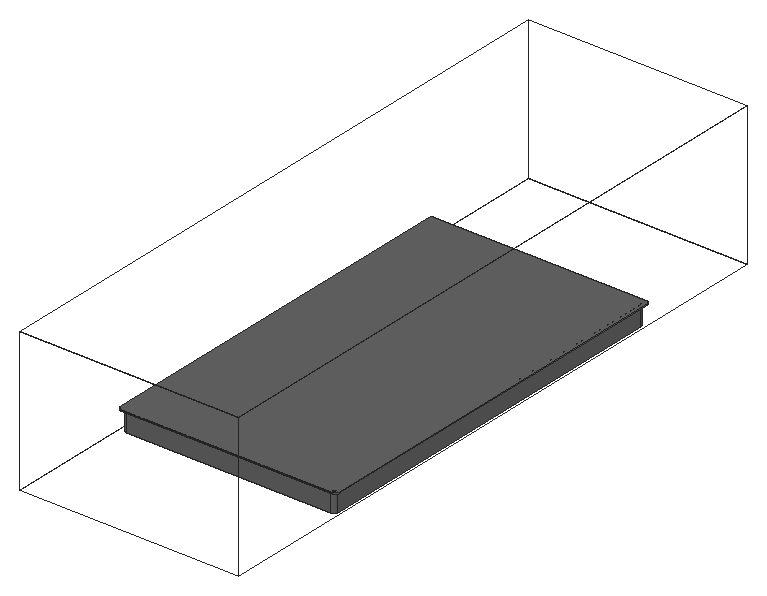
Revit family "Control_Panels-Lutron-DIN_Rail_Retrofit_Subplate (1)", category Electrical Equipment, host Face, Revit 2020 (continued)
Definition of nested family "Detail Grill"
  Lines and regions (in)
    model lines, visible <- "Size A", detail levels fine
      curve 608: line (4.84925, 29.7454, 0) -> (4.84925, 29.49548, 0)
      curve 609: line (3.84925, 30.14338, 0) -> (3.84925, 29.89347, 0)
      curve 610: line (3.84925, 29.89347, 0) -> (4.84925, 29.89347, 0)
      curve 611: line (3.84925, 30.14338, 0) -> (4.84925, 30.14338, 0)
      curve 612: line (4.84925, 30.14338, 0) -> (4.84925, 29.89347, 0)
      curve 613: line (5.09915, 29.34738, 0) -> (5.09915, 29.09747, 0)
      curve 614: line (5.09915, 29.09747, 0) -> (6.09915, 29.09747, 0)
      curve 615: line (5.09915, 29.34738, 0) -> (6.09915, 29.34738, 0)
      curve 616: line (6.09915, 29.34738, 0) -> (6.09915, 29.09747, 0)
      curve 617: line (5.09915, 29.7454, 0) -> (5.09915, 29.49548, 0)
      curve 618: line (5.09915, 29.49548, 0) -> (6.09915, 29.49548, 0)
      curve 619: line (5.09915, 29.7454, 0) -> (6.09915, 29.7454, 0)
      curve 620: line (6.09915, 29.7454, 0) -> (6.09915, 29.49548, 0)
      curve 621: line (5.09915, 30.14338, 0) -> (5.09915, 29.89347, 0)
      curve 622: line (5.09915, 29.89347, 0) -> (6.09915, 29.89347, 0)
      curve 623: line (5.09915, 30.14338, 0) -> (6.09915, 30.14338, 0)
      curve 624: line (6.09915, 30.14338, 0) -> (6.09915, 29.89347, 0)
      curve 625: line (6.34915, 29.34738, 0) -> (6.34915, 29.09747, 0)
      curve 626: line (6.34915, 29.09747, 0) -> (7.34915, 29.09747, 0)
      curve 627: line (6.34915, 29.34738, 0) -> (7.34915, 29.34738, 0)
      curve 628: line (7.34915, 29.34738, 0) -> (7.34915, 29.09747, 0)
      curve 629: line (6.34915, 29.7454, 0) -> (6.34915, 29.49548, 0)
      curve 630: line (6.34915, 29.49548, 0) -> (7.34915, 29.49548, 0)
      curve 631: line (6.34915, 29.7454, 0) -> (7.34915, 29.7454, 0)
      curve 632: line (7.34915, 29.7454, 0) -> (7.34915, 29.49548, 0)
      curve 633: line (6.34915, 30.14338, 0) -> (6.34915, 29.89347, 0)
      curve 634: line (6.34915, 29.89347, 0) -> (7.34915, 29.89347, 0)
      curve 635: line (6.34915, 30.14338, 0) -> (7.34915, 30.14338, 0)
      curve 636: line (7.34915, 30.14338, 0) -> (7.34915, 29.89347, 0)
      curve 637: line (7.59915, 29.34738, 0) -> (7.59915, 29.09747, 0)
      curve 638: line (7.59915, 29.09747, 0) -> (8.59915, 29.09747, 0)
      curve 639: line (7.59915, 29.34738, 0) -> (8.59915, 29.34738, 0)
      curve 640: line (8.59915, 29.34738, 0) -> (8.59915, 29.09747, 0)
      curve 641: line (7.59915, 29.7454, 0) -> (7.59915, 29.49548, 0)
      curve 642: line (7.59915, 29.49548, 0) -> (8.59915, 29.49548, 0)
      curve 643: line (7.59915, 29.7454, 0) -> (8.59915, 29.7454, 0)
      curve 644: line (8.59915, 29.7454, 0) -> (8.59915, 29.49548, 0)
      curve 645: line (7.59915, 30.14338, 0) -> (7.59915, 29.89347, 0)
      curve 646: line (7.59915, 29.89347, 0) -> (8.59915, 29.89347, 0)
      curve 647: line (7.59915, 30.14338, 0) -> (8.59915, 30.14338, 0)
      curve 648: line (8.59915, 30.14338, 0) -> (8.59915, 29.89347, 0)
      curve 649: line (8.84915, 29.34738, 0) -> (8.84915, 29.09747, 0)
      curve 650: line (8.84915, 29.09747, 0) -> (9.84915, 29.09747, 0)
      curve 651: line (8.84915, 29.34738, 0) -> (9.84915, 29.34738, 0)
      curve 652: line (9.84915, 29.34738, 0) -> (9.84915, 29.09747, 0)
      curve 653: line (8.84915, 29.7454, 0) -> (8.84915, 29.49548, 0)
      curve 654: line (8.84915, 29.49548, 0) -> (9.84915, 29.49548, 0)
      curve 655: line (8.84915, 29.7454, 0) -> (9.84915, 29.7454, 0)
      curve 656: line (9.84915, 29.7454, 0) -> (9.84915, 29.49548, 0)
      curve 657: line (8.84915, 30.14338, 0) -> (8.84915, 29.89347, 0)
      curve 658: line (8.84915, 29.89347, 0) -> (9.84915, 29.89347, 0)
      curve 659: line (8.84915, 30.14338, 0) -> (9.84915, 30.14338, 0)
      curve 660: line (9.84915, 30.14338, 0) -> (9.84915, 29.89347, 0)
      curve 661: line (3.84925, 26.69939, 0) -> (3.84925, 26.60928, 0)
      curve 662: line (3.84925, 26.60928, 0) -> (4.84925, 26.60928, 0)
      curve 663: line (3.84925, 26.69939, 0) -> (4.84925, 26.69939, 0)
      curve 664: line (4.84925, 26.69939, 0) -> (4.84925, 26.60928, 0)
      curve 665: line (3.84925, 26.46134, 0) -> (3.84925, 26.37124, 0)
      curve 666: line (3.84925, 26.37124, 0) -> (4.84925, 26.37124, 0)
      curve 667: line (3.84925, 26.46134, 0) -> (4.84925, 26.46134, 0)
      curve 668: line (4.84925, 26.46134, 0) -> (4.84925, 26.37124, 0)
      curve 669: line (3.84925, 26.22339, 0) -> (3.84925, 26.13329, 0)
      curve 670: line (3.84925, 26.13329, 0) -> (4.84925, 26.13329, 0)
      curve 671: line (3.84925, 26.22339, 0) -> (4.84925, 26.22339, 0)
      curve 672: line (4.84925, 26.22339, 0) -> (4.84925, 26.13329, 0)
      curve 673: line (5.09915, 26.69939, 0) -> (5.09915, 26.60928, 0)
      curve 674: line (5.09915, 26.60928, 0) -> (6.09915, 26.60928, 0)
      curve 675: line (5.09915, 26.69939, 0) -> (6.09915, 26.69939, 0)
      curve 676: line (6.09915, 26.69939, 0) -> (6.09915, 26.60928, 0)
      curve 677: line (5.09915, 26.46134, 0) -> (5.09915, 26.37124, 0)
      curve 678: line (5.09915, 26.37124, 0) -> (6.09915, 26.37124, 0)
      curve 679: line (5.09915, 26.46134, 0) -> (6.09915, 26.46134, 0)
      curve 680: line (6.09915, 26.46134, 0) -> (6.09915, 26.37124, 0)
      curve 681: line (5.09915, 26.22339, 0) -> (5.09915, 26.13329, 0)
      curve 682: line (5.09915, 26.13329, 0) -> (6.09915, 26.13329, 0)
      curve 683: line (5.09915, 26.22339, 0) -> (6.09915, 26.22339, 0)
      curve 684: line (6.09915, 26.22339, 0) -> (6.09915, 26.13329, 0)
      curve 685: line (6.34915, 26.69939, 0) -> (6.34915, 26.60928, 0)
      curve 686: line (6.34915, 26.60928, 0) -> (7.34915, 26.60928, 0)
      curve 687: line (6.34915, 26.69939, 0) -> (7.34915, 26.69939, 0)
      curve 688: line (7.34915, 26.69939, 0) -> (7.34915, 26.60928, 0)
      curve 689: line (6.34915, 26.46134, 0) -> (6.34915, 26.37124, 0)
      curve 690: line (6.34915, 26.37124, 0) -> (7.34915, 26.37124, 0)
      curve 691: line (6.34915, 26.46134, 0) -> (7.34915, 26.46134, 0)
      curve 692: line (7.34915, 26.46134, 0) -> (7.34915, 26.37124, 0)
      curve 693: line (6.34915, 26.22339, 0) -> (6.34915, 26.13329, 0)
      curve 694: line (6.34915, 26.13329, 0) -> (7.34915, 26.13329, 0)
      curve 695: line (6.34915, 26.22339, 0) -> (7.34915, 26.22339, 0)
      curve 696: line (7.34915, 26.22339, 0) -> (7.34915, 26.13329, 0)
      curve 697: line (7.59915, 26.69939, 0) -> (7.59915, 26.60928, 0)
      curve 698: line (7.59915, 26.60928, 0) -> (8.59915, 26.60928, 0)
      curve 699: line (7.59915, 26.69939, 0) -> (8.59915, 26.69939, 0)
      curve 700: line (8.59915, 26.69939, 0) -> (8.59915, 26.60928, 0)
      curve 701: line (7.59915, 26.46134, 0) -> (7.59915, 26.37124, 0)
      curve 702: line (7.59915, 26.37124, 0) -> (8.59915, 26.37124, 0)
      curve 703: line (7.59915, 26.46134, 0) -> (8.59915, 26.46134, 0)
      curve 704: line (8.59915, 26.46134, 0) -> (8.59915, 26.37124, 0)
      curve 705: line (7.59915, 26.22339, 0) -> (7.59915, 26.13329, 0)
      curve 706: line (7.59915, 26.13329, 0) -> (8.59915, 26.13329, 0)
      curve 707: line (7.59915, 26.22339, 0) -> (8.59915, 26.22339, 0)
      curve 708: line (8.59915, 26.22339, 0) -> (8.59915, 26.13329, 0)
      curve 709: line (8.84915, 26.69939, 0) -> (8.84915, 26.60928, 0)
      curve 710: line (8.84915, 26.60928, 0) -> (9.84915, 26.60928, 0)
      curve 711: line (8.84915, 26.69939, 0) -> (9.84915, 26.69939, 0)
      curve 712: line (9.84915, 26.69939, 0) -> (9.84915, 26.60928, 0)
      curve 713: line (8.84915, 26.46134, 0) -> (8.84915, 26.37124, 0)
      curve 714: line (8.84915, 26.37124, 0) -> (9.84915, 26.37124, 0)
      curve 715: line (8.84915, 26.46134, 0) -> (9.84915, 26.46134, 0)
      curve 716: line (9.84915, 26.46134, 0) -> (9.84915, 26.37124, 0)
      curve 717: line (8.84915, 26.22339, 0) -> (8.84915, 26.13329, 0)
      curve 718: line (8.84915, 26.13329, 0) -> (9.84915, 26.13329, 0)
      curve 719: line (8.84915, 26.22339, 0) -> (9.84915, 26.22339, 0)
      curve 720: line (9.84915, 26.22339, 0) -> (9.84915, 26.13329, 0)
      curve 721: line (3.84925, 27.09735, 0) -> (3.84925, 26.84744, 0)
      curve 722: line (3.84925, 26.84744, 0) -> (4.84925, 26.84744, 0)
      curve 723: line (3.84925, 27.09735, 0) -> (4.84925, 27.09735, 0)
      curve 724: line (4.84925, 27.09735, 0) -> (4.84925, 26.84744, 0)
      curve 725: line (3.84925, 27.49537, 0) -> (3.84925, 27.24545, 0)
      curve 726: line (3.84925, 27.24545, 0) -> (4.84925, 27.24545, 0)
      curve 727: line (3.84925, 27.49537, 0) -> (4.84925, 27.49537, 0)
      curve 728: line (4.84925, 27.49537, 0) -> (4.84925, 27.24545, 0)
      curve 729: line (3.84925, 27.89335, 0) -> (3.84925, 27.64344, 0)
      curve 730: line (3.84925, 27.64344, 0) -> (4.84925, 27.64344, 0)
      curve 731: line (3.84925, 27.89335, 0) -> (4.84925, 27.89335, 0)
      curve 732: line (4.84925, 27.89335, 0) -> (4.84925, 27.64344, 0)
      curve 733: line (5.09915, 27.09735, 0) -> (5.09915, 26.84744, 0)
      curve 734: line (5.09915, 26.84744, 0) -> (6.09915, 26.84744, 0)
      curve 735: line (5.09915, 27.09735, 0) -> (6.09915, 27.09735, 0)
      curve 736: line (6.09915, 27.09735, 0) -> (6.09915, 26.84744, 0)
      curve 737: line (5.09915, 27.49537, 0) -> (5.09915, 27.24545, 0)
      curve 738: line (5.09915, 27.24545, 0) -> (6.09915, 27.24545, 0)
      curve 739: line (5.09915, 27.49537, 0) -> (6.09915, 27.49537, 0)
      curve 740: line (6.09915, 27.49537, 0) -> (6.09915, 27.24545, 0)
      curve 741: line (5.09915, 27.89335, 0) -> (5.09915, 27.64344, 0)
      curve 742: line (5.09915, 27.64344, 0) -> (6.09915, 27.64344, 0)
      curve 743: line (5.09915, 27.89335, 0) -> (6.09915, 27.89335, 0)
      curve 744: line (6.09915, 27.89335, 0) -> (6.09915, 27.64344, 0)
      curve 745: line (6.34915, 27.09735, 0) -> (6.34915, 26.84744, 0)
      curve 746: line (6.34915, 26.84744, 0) -> (7.34915, 26.84744, 0)
      curve 747: line (6.34915, 27.09735, 0) -> (7.34915, 27.09735, 0)
      curve 748: line (7.34915, 27.09735, 0) -> (7.34915, 26.84744, 0)
      curve 749: line (6.34915, 27.49537, 0) -> (6.34915, 27.24545, 0)
      curve 750: line (6.34915, 27.24545, 0) -> (7.34915, 27.24545, 0)
      curve 751: line (6.34915, 27.49537, 0) -> (7.34915, 27.49537, 0)
      curve 752: line (7.34915, 27.49537, 0) -> (7.34915, 27.24545, 0)
      curve 753: line (6.34915, 27.89335, 0) -> (6.34915, 27.64344, 0)
      curve 754: line (6.34915, 27.64344, 0) -> (7.34915, 27.64344, 0)
      curve 755: line (6.34915, 27.89335, 0) -> (7.34915, 27.89335, 0)
      curve 756: line (7.34915, 27.89335, 0) -> (7.34915, 27.64344, 0)
      curve 757: line (7.59915, 27.09735, 0) -> (7.59915, 26.84744, 0)
      curve 758: line (7.59915, 26.84744, 0) -> (8.59915, 26.84744, 0)
      curve 759: line (7.59915, 27.09735, 0) -> (8.59915, 27.09735, 0)
      curve 760: line (8.59915, 27.09735, 0) -> (8.59915, 26.84744, 0)
      curve 761: line (7.59915, 27.49537, 0) -> (7.59915, 27.24545, 0)
      curve 762: line (7.59915, 27.24545, 0) -> (8.59915, 27.24545, 0)
      curve 763: line (7.59915, 27.49537, 0) -> (8.59915, 27.49537, 0)
      curve 764: line (8.59915, 27.49537, 0) -> (8.59915, 27.24545, 0)
      curve 765: line (7.59915, 27.89335, 0) -> (7.59915, 27.64344, 0)
      curve 766: line (7.59915, 27.64344, 0) -> (8.59915, 27.64344, 0)
      curve 767: line (7.59915, 27.89335, 0) -> (8.59915, 27.89335, 0)
      curve 768: line (8.59915, 27.89335, 0) -> (8.59915, 27.64344, 0)
      curve 769: line (8.84915, 27.09735, 0) -> (8.84915, 26.84744, 0)
      curve 770: line (8.84915, 26.84744, 0) -> (9.84915, 26.84744, 0)
      curve 771: line (8.84915, 27.09735, 0) -> (9.84915, 27.09735, 0)
      curve 772: line (9.84915, 27.09735, 0) -> (9.84915, 26.84744, 0)
      curve 773: line (8.84915, 27.49537, 0) -> (8.84915, 27.24545, 0)
      curve 774: line (8.84915, 27.24545, 0) -> (9.84915, 27.24545, 0)
      curve 775: line (8.84915, 27.49537, 0) -> (9.84915, 27.49537, 0)
      curve 776: line (9.84915, 27.49537, 0) -> (9.84915, 27.24545, 0)
      curve 777: line (8.84915, 27.89335, 0) -> (8.84915, 27.64344, 0)
      curve 778: line (8.84915, 27.64344, 0) -> (9.84915, 27.64344, 0)
      curve 779: line (8.84915, 27.89335, 0) -> (9.84915, 27.89335, 0)
      curve 780: line (9.84915, 27.89335, 0) -> (9.84915, 27.64344, 0)
      curve 781: line (3.84925, 24.44944, 0) -> (3.84925, 24.35933, 0)
      curve 782: line (3.84925, 24.35933, 0) -> (4.84925, 24.35933, 0)
      curve 783: line (3.84925, 24.44944, 0) -> (4.84925, 24.44944, 0)
      curve 784: line (4.84925, 24.44944, 0) -> (4.84925, 24.35933, 0)
      curve 785: line (3.84925, 24.21139, 0) -> (3.84925, 24.12128, 0)
      curve 786: line (3.84925, 24.12128, 0) -> (4.84925, 24.12128, 0)
      curve 787: line (3.84925, 24.21139, 0) -> (4.84925, 24.21139, 0)
      curve 788: line (4.84925, 24.21139, 0) -> (4.84925, 24.12128, 0)
      curve 789: line (3.84925, 23.97344, 0) -> (3.84925, 23.88333, 0)
      curve 790: line (3.84925, 23.88333, 0) -> (4.84925, 23.88333, 0)
      curve 791: line (3.84925, 23.97344, 0) -> (4.84925, 23.97344, 0)
      curve 792: line (4.84925, 23.97344, 0) -> (4.84925, 23.88333, 0)
      curve 793: line (5.09915, 24.44944, 0) -> (5.09915, 24.35933, 0)
      curve 794: line (5.09915, 24.35933, 0) -> (6.09915, 24.35933, 0)
      curve 795: line (5.09915, 24.44944, 0) -> (6.09915, 24.44944, 0)
      curve 796: line (6.09915, 24.44944, 0) -> (6.09915, 24.35933, 0)
      curve 797: line (5.09915, 24.21139, 0) -> (5.09915, 24.12128, 0)
      curve 798: line (5.09915, 24.12128, 0) -> (6.09915, 24.12128, 0)
      curve 799: line (5.09915, 24.21139, 0) -> (6.09915, 24.21139, 0)
      curve 800: line (6.09915, 24.21139, 0) -> (6.09915, 24.12128, 0)
      curve 801: line (5.09915, 23.97344, 0) -> (5.09915, 23.88333, 0)
      curve 802: line (5.09915, 23.88333, 0) -> (6.09915, 23.88333, 0)
      curve 803: line (5.09915, 23.97344, 0) -> (6.09915, 23.97344, 0)
      curve 804: line (6.09915, 23.97344, 0) -> (6.09915, 23.88333, 0)
      curve 805: line (6.34915, 24.44944, 0) -> (6.34915, 24.35933, 0)
      curve 806: line (6.34915, 24.35933, 0) -> (7.34915, 24.35933, 0)
      curve 807: line (6.34915, 24.44944, 0) -> (7.34915, 24.44944, 0)
      curve 808: line (7.34915, 24.44944, 0) -> (7.34915, 24.35933, 0)
      curve 809: line (6.34915, 24.21139, 0) -> (6.34915, 24.12128, 0)
      curve 810: line (6.34915, 24.12128, 0) -> (7.34915, 24.12128, 0)
      curve 811: line (6.34915, 24.21139, 0) -> (7.34915, 24.21139, 0)
      curve 812: line (7.34915, 24.21139, 0) -> (7.34915, 24.12128, 0)
      curve 813: line (6.34915, 23.97344, 0) -> (6.34915, 23.88333, 0)
      curve 814: line (6.34915, 23.88333, 0) -> (7.34915, 23.88333, 0)
      curve 815: line (6.34915, 23.97344, 0) -> (7.34915, 23.97344, 0)
      curve 816: line (7.34915, 23.97344, 0) -> (7.34915, 23.88333, 0)
      curve 817: line (7.59915, 24.44944, 0) -> (7.59915, 24.35933, 0)
      curve 818: line (7.59915, 24.35933, 0) -> (8.59915, 24.35933, 0)
      curve 819: line (7.59915, 24.44944, 0) -> (8.59915, 24.44944, 0)
      curve 820: line (8.59915, 24.44944, 0) -> (8.59915, 24.35933, 0)
      curve 821: line (7.59915, 24.21139, 0) -> (7.59915, 24.12128, 0)
      curve 822: line (7.59915, 24.12128, 0) -> (8.59915, 24.12128, 0)
      curve 823: line (7.59915, 24.21139, 0) -> (8.59915, 24.21139, 0)
      curve 824: line (8.59915, 24.21139, 0) -> (8.59915, 24.12128, 0)
      curve 825: line (7.59915, 23.97344, 0) -> (7.59915, 23.88333, 0)
      curve 826: line (7.59915, 23.88333, 0) -> (8.59915, 23.88333, 0)
      curve 827: line (7.59915, 23.97344, 0) -> (8.59915, 23.97344, 0)
      curve 828: line (8.59915, 23.97344, 0) -> (8.59915, 23.88333, 0)
      curve 829: line (8.84915, 24.44944, 0) -> (8.84915, 24.35933, 0)
      curve 830: line (8.84915, 24.35933, 0) -> (9.84915, 24.35933, 0)
      curve 831: line (8.84915, 24.44944, 0) -> (9.84915, 24.44944, 0)
      curve 832: line (9.84915, 24.44944, 0) -> (9.84915, 24.35933, 0)
      curve 833: line (8.84915, 24.21139, 0) -> (8.84915, 24.12128, 0)
      curve 834: line (8.84915, 24.12128, 0) -> (9.84915, 24.12128, 0)
      curve 835: line (8.84915, 24.21139, 0) -> (9.84915, 24.21139, 0)
      curve 836: line (9.84915, 24.21139, 0) -> (9.84915, 24.12128, 0)
      curve 837: line (8.84915, 23.97344, 0) -> (8.84915, 23.88333, 0)
      curve 838: line (8.84915, 23.88333, 0) -> (9.84915, 23.88333, 0)
      curve 839: line (8.84915, 23.97344, 0) -> (9.84915, 23.97344, 0)
      curve 840: line (9.84915, 23.97344, 0) -> (9.84915, 23.88333, 0)
      curve 841: line (3.84925, 24.8474, 0) -> (3.84925, 24.59748, 0)
      curve 842: line (3.84925, 24.59748, 0) -> (4.84925, 24.59748, 0)
      curve 843: line (3.84925, 24.8474, 0) -> (4.84925, 24.8474, 0)
      curve 844: line (4.84925, 24.8474, 0) -> (4.84925, 24.59748, 0)
      curve 845: line (3.84925, 25.24541, 0) -> (3.84925, 24.9955, 0)
      curve 846: line (3.84925, 24.9955, 0) -> (4.84925, 24.9955, 0)
      curve 847: line (3.84925, 25.24541, 0) -> (4.84925, 25.24541, 0)
      curve 848: line (4.84925, 25.24541, 0) -> (4.84925, 24.9955, 0)
      curve 849: line (3.84925, 25.6434, 0) -> (3.84925, 25.39348, 0)
      curve 850: line (3.84925, 25.39348, 0) -> (4.84925, 25.39348, 0)
      curve 851: line (3.84925, 25.6434, 0) -> (4.84925, 25.6434, 0)
      curve 852: line (4.84925, 25.6434, 0) -> (4.84925, 25.39348, 0)
      curve 853: line (5.09915, 24.8474, 0) -> (5.09915, 24.59748, 0)
      curve 854: line (5.09915, 24.59748, 0) -> (6.09915, 24.59748, 0)
      curve 855: line (5.09915, 24.8474, 0) -> (6.09915, 24.8474, 0)
      curve 856: line (6.09915, 24.8474, 0) -> (6.09915, 24.59748, 0)
      curve 857: line (5.09915, 25.24541, 0) -> (5.09915, 24.9955, 0)
      curve 858: line (5.09915, 24.9955, 0) -> (6.09915, 24.9955, 0)
      curve 859: line (5.09915, 25.24541, 0) -> (6.09915, 25.24541, 0)
      curve 860: line (6.09915, 25.24541, 0) -> (6.09915, 24.9955, 0)
      curve 861: line (5.09915, 25.6434, 0) -> (5.09915, 25.39348, 0)
      curve 862: line (5.09915, 25.39348, 0) -> (6.09915, 25.39348, 0)
      curve 863: line (5.09915, 25.6434, 0) -> (6.09915, 25.6434, 0)
      curve 864: line (6.09915, 25.6434, 0) -> (6.09915, 25.39348, 0)
      curve 865: line (6.34915, 24.8474, 0) -> (6.34915, 24.59748, 0)
      curve 866: line (6.34915, 24.59748, 0) -> (7.34915, 24.59748, 0)
      curve 867: line (6.34915, 24.8474, 0) -> (7.34915, 24.8474, 0)
      curve 868: line (7.34915, 24.8474, 0) -> (7.34915, 24.59748, 0)
      curve 869: line (6.34915, 25.24541, 0) -> (6.34915, 24.9955, 0)
      curve 870: line (6.34915, 24.9955, 0) -> (7.34915, 24.9955, 0)
      curve 871: line (6.34915, 25.24541, 0) -> (7.34915, 25.24541, 0)
      curve 872: line (7.34915, 25.24541, 0) -> (7.34915, 24.9955, 0)
      curve 873: line (6.34915, 25.6434, 0) -> (6.34915, 25.39348, 0)
      curve 874: line (6.34915, 25.39348, 0) -> (7.34915, 25.39348, 0)
      curve 875: line (6.34915, 25.6434, 0) -> (7.34915, 25.6434, 0)
      curve 876: line (7.34915, 25.6434, 0) -> (7.34915, 25.39348, 0)
      curve 877: line (7.59915, 24.8474, 0) -> (7.59915, 24.59748, 0)
      curve 878: line (7.59915, 24.59748, 0) -> (8.59915, 24.59748, 0)
      curve 879: line (7.59915, 24.8474, 0) -> (8.59915, 24.8474, 0)
      curve 880: line (8.59915, 24.8474, 0) -> (8.59915, 24.59748, 0)
      curve 881: line (7.59915, 25.24541, 0) -> (7.59915, 24.9955, 0)
      curve 882: line (7.59915, 24.9955, 0) -> (8.59915, 24.9955, 0)
      curve 883: line (7.59915, 25.24541, 0) -> (8.59915, 25.24541, 0)
      curve 884: line (8.59915, 25.24541, 0) -> (8.59915, 24.9955, 0)
      curve 885: line (7.59915, 25.6434, 0) -> (7.59915, 25.39348, 0)
      curve 886: line (7.59915, 25.39348, 0) -> (8.59915, 25.39348, 0)
      curve 887: line (7.59915, 25.6434, 0) -> (8.59915, 25.6434, 0)
      curve 888: line (8.59915, 25.6434, 0) -> (8.59915, 25.39348, 0)
      curve 889: line (8.84915, 24.8474, 0) -> (8.84915, 24.59748, 0)
      curve 890: line (8.84915, 24.59748, 0) -> (9.84915, 24.59748, 0)
      curve 891: line (8.84915, 24.8474, 0) -> (9.84915, 24.8474, 0)
      curve 892: line (9.84915, 24.8474, 0) -> (9.84915, 24.59748, 0)
      curve 893: line (8.84915, 25.24541, 0) -> (8.84915, 24.9955, 0)
      curve 894: line (8.84915, 24.9955, 0) -> (9.84915, 24.9955, 0)
      curve 895: line (8.84915, 25.24541, 0) -> (9.84915, 25.24541, 0)
      curve 896: line (9.84915, 25.24541, 0) -> (9.84915, 24.9955, 0)
      curve 897: line (8.84915, 25.6434, 0) -> (8.84915, 25.39348, 0)
      curve 898: line (8.84915, 25.39348, 0) -> (9.84915, 25.39348, 0)
      curve 899: line (8.84915, 25.6434, 0) -> (9.84915, 25.6434, 0)
      curve 900: line (9.84915, 25.6434, 0) -> (9.84915, 25.39348, 0)
      curve 901: line (3.84925, 22.19943, 0) -> (3.84925, 22.10932, 0)
      curve 902: line (3.84925, 22.10932, 0) -> (4.84925, 22.10932, 0)
      curve 903: line (3.84925, 22.19943, 0) -> (4.84925, 22.19943, 0)
      curve 904: line (4.84925, 22.19943, 0) -> (4.84925, 22.10932, 0)
      curve 905: line (3.84925, 21.96139, 0) -> (3.84925, 21.87128, 0)
      curve 906: line (3.84925, 21.87128, 0) -> (4.84925, 21.87128, 0)
      curve 907: line (3.84925, 21.96139, 0) -> (4.84925, 21.96139, 0)
      curve 908: line (4.84925, 21.96139, 0) -> (4.84925, 21.87128, 0)
      curve 909: line (3.84925, 21.72343, 0) -> (3.84925, 21.63333, 0)
      curve 910: line (3.84925, 21.63333, 0) -> (4.84925, 21.63333, 0)
      curve 911: line (3.84925, 21.72343, 0) -> (4.84925, 21.72343, 0)
      curve 912: line (4.84925, 21.72343, 0) -> (4.84925, 21.63333, 0)
      curve 913: line (5.09915, 22.19943, 0) -> (5.09915, 22.10932, 0)
      curve 914: line (5.09915, 22.10932, 0) -> (6.09915, 22.10932, 0)
      curve 915: line (5.09915, 22.19943, 0) -> (6.09915, 22.19943, 0)
      curve 916: line (6.09915, 22.19943, 0) -> (6.09915, 22.10932, 0)
      curve 917: line (5.09915, 21.96139, 0) -> (5.09915, 21.87128, 0)
      curve 918: line (5.09915, 21.87128, 0) -> (6.09915, 21.87128, 0)
      curve 919: line (5.09915, 21.96139, 0) -> (6.09915, 21.96139, 0)
      curve 920: line (6.09915, 21.96139, 0) -> (6.09915, 21.87128, 0)
      curve 921: line (5.09915, 21.72343, 0) -> (5.09915, 21.63333, 0)
      curve 922: line (5.09915, 21.63333, 0) -> (6.09915, 21.63333, 0)
      curve 923: line (5.09915, 21.72343, 0) -> (6.09915, 21.72343, 0)
      curve 924: line (6.09915, 21.72343, 0) -> (6.09915, 21.63333, 0)
      curve 925: line (6.34915, 22.19943, 0) -> (6.34915, 22.10932, 0)
      curve 926: line (6.34915, 22.10932, 0) -> (7.34915, 22.10932, 0)
      curve 927: line (6.34915, 22.19943, 0) -> (7.34915, 22.19943, 0)
      curve 928: line (7.34915, 22.19943, 0) -> (7.34915, 22.10932, 0)
      curve 929: line (6.34915, 21.96139, 0) -> (6.34915, 21.87128, 0)
      curve 930: line (6.34915, 21.87128, 0) -> (7.34915, 21.87128, 0)
      curve 931: line (6.34915, 21.96139, 0) -> (7.34915, 21.96139, 0)
      curve 932: line (7.34915, 21.96139, 0) -> (7.34915, 21.87128, 0)
      curve 933: line (6.34915, 21.72343, 0) -> (6.34915, 21.63333, 0)
      curve 934: line (6.34915, 21.63333, 0) -> (7.34915, 21.63333, 0)
      curve 935: line (6.34915, 21.72343, 0) -> (7.34915, 21.72343, 0)
      curve 936: line (7.34915, 21.72343, 0) -> (7.34915, 21.63333, 0)
      curve 937: line (7.59915, 22.19943, 0) -> (7.59915, 22.10932, 0)
      curve 938: line (7.59915, 22.10932, 0) -> (8.59915, 22.10932, 0)
      curve 939: line (7.59915, 22.19943, 0) -> (8.59915, 22.19943, 0)
      curve 940: line (8.59915, 22.19943, 0) -> (8.59915, 22.10932, 0)
      curve 941: line (7.59915, 21.96139, 0) -> (7.59915, 21.87128, 0)
      curve 942: line (7.59915, 21.87128, 0) -> (8.59915, 21.87128, 0)
      curve 943: line (7.59915, 21.96139, 0) -> (8.59915, 21.96139, 0)
      curve 944: line (8.59915, 21.96139, 0) -> (8.59915, 21.87128, 0)
      curve 945: line (7.59915, 21.72343, 0) -> (7.59915, 21.63333, 0)
      curve 946: line (7.59915, 21.63333, 0) -> (8.59915, 21.63333, 0)
      curve 947: line (7.59915, 21.72343, 0) -> (8.59915, 21.72343, 0)
      curve 948: line (8.59915, 21.72343, 0) -> (8.59915, 21.63333, 0)
      curve 949: line (8.84915, 22.19943, 0) -> (8.84915, 22.10932, 0)
      curve 950: line (8.84915, 22.10932, 0) -> (9.84915, 22.10932, 0)
      curve 951: line (8.84915, 22.19943, 0) -> (9.84915, 22.19943, 0)
      curve 952: line (9.84915, 22.19943, 0) -> (9.84915, 22.10932, 0)
      curve 953: line (8.84915, 21.96139, 0) -> (8.84915, 21.87128, 0)
      curve 954: line (8.84915, 21.87128, 0) -> (9.84915, 21.87128, 0)
      curve 955: line (8.84915, 21.96139, 0) -> (9.84915, 21.96139, 0)
      curve 956: line (9.84915, 21.96139, 0) -> (9.84915, 21.87128, 0)
      curve 957: line (8.84915, 21.72343, 0) -> (8.84915, 21.63333, 0)
      curve 958: line (8.84915, 21.63333, 0) -> (9.84915, 21.63333, 0)
      curve 959: line (8.84915, 21.72343, 0) -> (9.84915, 21.72343, 0)
      curve 960: line (9.84915, 21.72343, 0) -> (9.84915, 21.63333, 0)
      curve 961: line (3.84925, 22.59739, 0) -> (3.84925, 22.34748, 0)
      curve 962: line (3.84925, 22.34748, 0) -> (4.84925, 22.34748, 0)
      curve 963: line (3.84925, 22.59739, 0) -> (4.84925, 22.59739, 0)
      curve 964: line (4.84925, 22.59739, 0) -> (4.84925, 22.34748, 0)
      curve 965: line (3.84925, 22.99541, 0) -> (3.84925, 22.74549, 0)
      curve 966: line (3.84925, 22.74549, 0) -> (4.84925, 22.74549, 0)
      curve 967: line (3.84925, 22.99541, 0) -> (4.84925, 22.99541, 0)
      curve 968: line (4.84925, 22.99541, 0) -> (4.84925, 22.74549, 0)
      curve 969: line (3.84925, 23.39339, 0) -> (3.84925, 23.14348, 0)
      curve 970: line (3.84925, 23.14348, 0) -> (4.84925, 23.14348, 0)
      curve 971: line (3.84925, 23.39339, 0) -> (4.84925, 23.39339, 0)
      curve 972: line (4.84925, 23.39339, 0) -> (4.84925, 23.14348, 0)
      curve 973: line (5.09915, 22.59739, 0) -> (5.09915, 22.34748, 0)
      curve 974: line (5.09915, 22.34748, 0) -> (6.09915, 22.34748, 0)
      curve 975: line (5.09915, 22.59739, 0) -> (6.09915, 22.59739, 0)
      curve 976: line (6.09915, 22.59739, 0) -> (6.09915, 22.34748, 0)
      curve 977: line (5.09915, 22.99541, 0) -> (5.09915, 22.74549, 0)
      curve 978: line (5.09915, 22.74549, 0) -> (6.09915, 22.74549, 0)
      curve 979: line (5.09915, 22.99541, 0) -> (6.09915, 22.99541, 0)
      curve 980: line (6.09915, 22.99541, 0) -> (6.09915, 22.74549, 0)
      curve 981: line (5.09915, 23.39339, 0) -> (5.09915, 23.14348, 0)
      curve 982: line (5.09915, 23.14348, 0) -> (6.09915, 23.14348, 0)
      curve 983: line (5.09915, 23.39339, 0) -> (6.09915, 23.39339, 0)
      curve 984: line (6.09915, 23.39339, 0) -> (6.09915, 23.14348, 0)
      curve 985: line (6.34915, 22.59739, 0) -> (6.34915, 22.34748, 0)
      curve 986: line (6.34915, 22.34748, 0) -> (7.34915, 22.34748, 0)
      curve 987: line (6.34915, 22.59739, 0) -> (7.34915, 22.59739, 0)
      curve 988: line (7.34915, 22.59739, 0) -> (7.34915, 22.34748, 0)
      curve 989: line (6.34915, 22.99541, 0) -> (6.34915, 22.74549, 0)
      curve 990: line (6.34915, 22.74549, 0) -> (7.34915, 22.74549, 0)
      curve 991: line (6.34915, 22.99541, 0) -> (7.34915, 22.99541, 0)
      curve 992: line (7.34915, 22.99541, 0) -> (7.34915, 22.74549, 0)
      curve 993: line (6.34915, 23.39339, 0) -> (6.34915, 23.14348, 0)
      curve 994: line (6.34915, 23.14348, 0) -> (7.34915, 23.14348, 0)
      curve 995: line (6.34915, 23.39339, 0) -> (7.34915, 23.39339, 0)
      curve 996: line (7.34915, 23.39339, 0) -> (7.34915, 23.14348, 0)
      curve 997: line (7.59915, 22.59739, 0) -> (7.59915, 22.34748, 0)
      curve 998: line (7.59915, 22.34748, 0) -> (8.59915, 22.34748, 0)
      curve 999: line (7.59915, 22.59739, 0) -> (8.59915, 22.59739, 0)
      curve 1000: line (8.59915, 22.59739, 0) -> (8.59915, 22.34748, 0)
      curve 1001: line (7.59915, 22.99541, 0) -> (7.59915, 22.74549, 0)
      curve 1002: line (7.59915, 22.74549, 0) -> (8.59915, 22.74549, 0)
      curve 1003: line (7.59915, 22.99541, 0) -> (8.59915, 22.99541, 0)
      curve 1004: line (8.59915, 22.99541, 0) -> (8.59915, 22.74549, 0)
      curve 1005: line (7.59915, 23.39339, 0) -> (7.59915, 23.14348, 0)
      curve 1006: line (7.59915, 23.14348, 0) -> (8.59915, 23.14348, 0)
      curve 1007: line (7.59915, 23.39339, 0) -> (8.59915, 23.39339, 0)
      curve 1008: line (8.59915, 23.39339, 0) -> (8.59915, 23.14348, 0)
      curve 1009: line (8.84915, 22.59739, 0) -> (8.84915, 22.34748, 0)
      curve 1010: line (8.84915, 22.34748, 0) -> (9.84915, 22.34748, 0)
      curve 1011: line (8.84915, 22.59739, 0) -> (9.84915, 22.59739, 0)
      curve 1012: line (9.84915, 22.59739, 0) -> (9.84915, 22.34748, 0)
      curve 1013: line (8.84915, 22.99541, 0) -> (8.84915, 22.74549, 0)
      curve 1014: line (8.84915, 22.74549, 0) -> (9.84915, 22.74549, 0)
      curve 1015: line (8.84915, 22.99541, 0) -> (9.84915, 22.99541, 0)
      curve 1016: line (9.84915, 22.99541, 0) -> (9.84915, 22.74549, 0)
      curve 1017: line (8.84915, 23.39339, 0) -> (8.84915, 23.14348, 0)
      curve 1018: line (8.84915, 23.14348, 0) -> (9.84915, 23.14348, 0)
      curve 1019: line (8.84915, 23.39339, 0) -> (9.84915, 23.39339, 0)
      curve 1020: line (9.84915, 23.39339, 0) -> (9.84915, 23.14348, 0)
      curve 1021: line (3.84925, 19.94943, 0) -> (3.84925, 19.85932, 0)
      curve 1022: line (3.84925, 19.85932, 0) -> (4.84925, 19.85932, 0)
      curve 1023: line (3.84925, 19.94943, 0) -> (4.84925, 19.94943, 0)
      curve 1024: line (4.84925, 19.94943, 0) -> (4.84925, 19.85932, 0)
      curve 1025: line (3.84925, 19.71138, 0) -> (3.84925, 19.62128, 0)
      curve 1026: line (3.84925, 19.62128, 0) -> (4.84925, 19.62128, 0)
      curve 1027: line (3.84925, 19.71138, 0) -> (4.84925, 19.71138, 0)
      curve 1028: line (4.84925, 19.71138, 0) -> (4.84925, 19.62128, 0)
      curve 1029: line (3.84925, 19.47343, 0) -> (3.84925, 19.38332, 0)
      curve 1030: line (3.84925, 19.38332, 0) -> (4.84925, 19.38332, 0)
      curve 1031: line (3.84925, 19.47343, 0) -> (4.84925, 19.47343, 0)
      curve 1032: line (4.84925, 19.47343, 0) -> (4.84925, 19.38332, 0)
      curve 1033: line (5.09915, 19.94943, 0) -> (5.09915, 19.85932, 0)
      curve 1034: line (5.09915, 19.85932, 0) -> (6.09915, 19.85932, 0)
      curve 1035: line (5.09915, 19.94943, 0) -> (6.09915, 19.94943, 0)
      curve 1036: line (6.09915, 19.94943, 0) -> (6.09915, 19.85932, 0)
      curve 1037: line (5.09915, 19.71138, 0) -> (5.09915, 19.62128, 0)
      curve 1038: line (5.09915, 19.62128, 0) -> (6.09915, 19.62128, 0)
      curve 1039: line (5.09915, 19.71138, 0) -> (6.09915, 19.71138, 0)
      curve 1040: line (6.09915, 19.71138, 0) -> (6.09915, 19.62128, 0)
      curve 1041: line (5.09915, 19.47343, 0) -> (5.09915, 19.38332, 0)
      curve 1042: line (5.09915, 19.38332, 0) -> (6.09915, 19.38332, 0)
      curve 1043: line (5.09915, 19.47343, 0) -> (6.09915, 19.47343, 0)
      curve 1044: line (6.09915, 19.47343, 0) -> (6.09915, 19.38332, 0)
      curve 1045: line (6.34915, 19.94943, 0) -> (6.34915, 19.85932, 0)
      curve 1046: line (6.34915, 19.85932, 0) -> (7.34915, 19.85932, 0)
      curve 1047: line (6.34915, 19.94943, 0) -> (7.34915, 19.94943, 0)
      curve 1048: line (7.34915, 19.94943, 0) -> (7.34915, 19.85932, 0)
      curve 1049: line (6.34915, 19.71138, 0) -> (6.34915, 19.62128, 0)
      curve 1050: line (6.34915, 19.62128, 0) -> (7.34915, 19.62128, 0)
      curve 1051: line (6.34915, 19.71138, 0) -> (7.34915, 19.71138, 0)
      curve 1052: line (7.34915, 19.71138, 0) -> (7.34915, 19.62128, 0)
      curve 1053: line (6.34915, 19.47343, 0) -> (6.34915, 19.38332, 0)
      curve 1054: line (6.34915, 19.38332, 0) -> (7.34915, 19.38332, 0)
      curve 1055: line (6.34915, 19.47343, 0) -> (7.34915, 19.47343, 0)
      curve 1056: line (7.34915, 19.47343, 0) -> (7.34915, 19.38332, 0)
      curve 1057: line (7.59915, 19.94943, 0) -> (7.59915, 19.85932, 0)
      curve 1058: line (7.59915, 19.85932, 0) -> (8.59915, 19.85932, 0)
      curve 1059: line (7.59915, 19.94943, 0) -> (8.59915, 19.94943, 0)
      curve 1060: line (8.59915, 19.94943, 0) -> (8.59915, 19.85932, 0)
      curve 1061: line (7.59915, 19.71138, 0) -> (7.59915, 19.62128, 0)
      curve 1062: line (7.59915, 19.62128, 0) -> (8.59915, 19.62128, 0)
      curve 1063: line (7.59915, 19.71138, 0) -> (8.59915, 19.71138, 0)
      curve 1064: line (8.59915, 19.71138, 0) -> (8.59915, 19.62128, 0)
      curve 1065: line (7.59915, 19.47343, 0) -> (7.59915, 19.38332, 0)
      curve 1066: line (7.59915, 19.38332, 0) -> (8.59915, 19.38332, 0)
      curve 1067: line (7.59915, 19.47343, 0) -> (8.59915, 19.47343, 0)
      curve 1068: line (8.59915, 19.47343, 0) -> (8.59915, 19.38332, 0)
      curve 1069: line (8.84915, 19.94943, 0) -> (8.84915, 19.85932, 0)
      curve 1070: line (8.84915, 19.85932, 0) -> (9.84915, 19.85932, 0)
      curve 1071: line (8.84915, 19.94943, 0) -> (9.84915, 19.94943, 0)
      curve 1072: line (9.84915, 19.94943, 0) -> (9.84915, 19.85932, 0)
      curve 1073: line (8.84915, 19.71138, 0) -> (8.84915, 19.62128, 0)
      curve 1074: line (8.84915, 19.62128, 0) -> (9.84915, 19.62128, 0)
      curve 1075: line (8.84915, 19.71138, 0) -> (9.84915, 19.71138, 0)
      curve 1076: line (9.84915, 19.71138, 0) -> (9.84915, 19.62128, 0)
      curve 1077: line (8.84915, 19.47343, 0) -> (8.84915, 19.38332, 0)
      curve 1078: line (8.84915, 19.38332, 0) -> (9.84915, 19.38332, 0)
      curve 1079: line (8.84915, 19.47343, 0) -> (9.84915, 19.47343, 0)
      curve 1080: line (9.84915, 19.47343, 0) -> (9.84915, 19.38332, 0)
      curve 1081: line (3.84925, 20.34739, 0) -> (3.84925, 20.09747, 0)
      curve 1082: line (3.84925, 20.09747, 0) -> (4.84925, 20.09747, 0)
      curve 1083: line (3.84925, 20.34739, 0) -> (4.84925, 20.34739, 0)
      curve 1084: line (4.84925, 20.34739, 0) -> (4.84925, 20.09747, 0)
      curve 1085: line (3.84925, 20.7454, 0) -> (3.84925, 20.49549, 0)
      curve 1086: line (3.84925, 20.49549, 0) -> (4.84925, 20.49549, 0)
      curve 1087: line (3.84925, 20.7454, 0) -> (4.84925, 20.7454, 0)
      curve 1088: line (4.84925, 20.7454, 0) -> (4.84925, 20.49549, 0)
      curve 1089: line (3.84925, 21.14339, 0) -> (3.84925, 20.89347, 0)
      curve 1090: line (3.84925, 20.89347, 0) -> (4.84925, 20.89347, 0)
      curve 1091: line (3.84925, 21.14339, 0) -> (4.84925, 21.14339, 0)
      curve 1092: line (4.84925, 21.14339, 0) -> (4.84925, 20.89347, 0)
      curve 1093: line (5.09915, 20.34739, 0) -> (5.09915, 20.09747, 0)
      curve 1094: line (5.09915, 20.09747, 0) -> (6.09915, 20.09747, 0)
      curve 1095: line (5.09915, 20.34739, 0) -> (6.09915, 20.34739, 0)
      curve 1096: line (6.09915, 20.34739, 0) -> (6.09915, 20.09747, 0)
      curve 1097: line (5.09915, 20.7454, 0) -> (5.09915, 20.49549, 0)
      curve 1098: line (5.09915, 20.49549, 0) -> (6.09915, 20.49549, 0)
      curve 1099: line (5.09915, 20.7454, 0) -> (6.09915, 20.7454, 0)
      curve 1100: line (6.09915, 20.7454, 0) -> (6.09915, 20.49549, 0)
      curve 1101: line (5.09915, 21.14339, 0) -> (5.09915, 20.89347, 0)
      curve 1102: line (5.09915, 20.89347, 0) -> (6.09915, 20.89347, 0)
      curve 1103: line (5.09915, 21.14339, 0) -> (6.09915, 21.14339, 0)
      curve 1104: line (6.09915, 21.14339, 0) -> (6.09915, 20.89347, 0)
      curve 1105: line (6.34915, 20.34739, 0) -> (6.34915, 20.09747, 0)
      curve 1106: line (6.34915, 20.09747, 0) -> (7.34915, 20.09747, 0)
      curve 1107: line (6.34915, 20.34739, 0) -> (7.34915, 20.34739, 0)
      curve 1108: line (7.34915, 20.34739, 0) -> (7.34915, 20.09747, 0)
      curve 1109: line (6.34915, 20.7454, 0) -> (6.34915, 20.49549, 0)
      curve 1110: line (6.34915, 20.49549, 0) -> (7.34915, 20.49549, 0)
      curve 1111: line (6.34915, 20.7454, 0) -> (7.34915, 20.7454, 0)
      curve 1112: line (7.34915, 20.7454, 0) -> (7.34915, 20.49549, 0)
      curve 1113: line (6.34915, 21.14339, 0) -> (6.34915, 20.89347, 0)
      curve 1114: line (6.34915, 20.89347, 0) -> (7.34915, 20.89347, 0)
      curve 1115: line (6.34915, 21.14339, 0) -> (7.34915, 21.14339, 0)
      curve 1116: line (7.34915, 21.14339, 0) -> (7.34915, 20.89347, 0)
      curve 1117: line (7.59915, 20.34739, 0) -> (7.59915, 20.09747, 0)
      curve 1118: line (7.59915, 20.09747, 0) -> (8.59915, 20.09747, 0)
      curve 1119: line (7.59915, 20.34739, 0) -> (8.59915, 20.34739, 0)
      curve 1120: line (8.59915, 20.34739, 0) -> (8.59915, 20.09747, 0)
      curve 1121: line (7.59915, 20.7454, 0) -> (7.59915, 20.49549, 0)
      curve 1122: line (7.59915, 20.49549, 0) -> (8.59915, 20.49549, 0)
      curve 1123: line (7.59915, 20.7454, 0) -> (8.59915, 20.7454, 0)
      curve 1124: line (8.59915, 20.7454, 0) -> (8.59915, 20.49549, 0)
      curve 1125: line (7.59915, 21.14339, 0) -> (7.59915, 20.89347, 0)
      curve 1126: line (7.59915, 20.89347, 0) -> (8.59915, 20.89347, 0)
      curve 1127: line (7.59915, 21.14339, 0) -> (8.59915, 21.14339, 0)
      curve 1128: line (8.59915, 21.14339, 0) -> (8.59915, 20.89347, 0)
      curve 1129: line (8.84915, 20.34739, 0) -> (8.84915, 20.09747, 0)
      curve 1130: line (8.84915, 20.09747, 0) -> (9.84915, 20.09747, 0)
      curve 1131: line (8.84915, 20.34739, 0) -> (9.84915, 20.34739, 0)
      curve 1132: line (9.84915, 20.34739, 0) -> (9.84915, 20.09747, 0)
      curve 1133: line (8.84915, 20.7454, 0) -> (8.84915, 20.49549, 0)
      curve 1134: line (8.84915, 20.49549, 0) -> (9.84915, 20.49549, 0)
      curve 1135: line (8.84915, 20.7454, 0) -> (9.84915, 20.7454, 0)
      curve 1136: line (9.84915, 20.7454, 0) -> (9.84915, 20.49549, 0)
      curve 1137: line (8.84915, 21.14339, 0) -> (8.84915, 20.89347, 0)
      curve 1138: line (8.84915, 20.89347, 0) -> (9.84915, 20.89347, 0)
      curve 1139: line (8.84915, 21.14339, 0) -> (9.84915, 21.14339, 0)
      curve 1140: line (9.84915, 21.14339, 0) -> (9.84915, 20.89347, 0)
      curve 1141: line (3.84925, 17.69944, 0) -> (3.84925, 17.60933, 0)
      curve 1142: line (3.84925, 17.60933, 0) -> (4.84925, 17.60933, 0)
      curve 1143: line (3.84925, 17.69944, 0) -> (4.84925, 17.69944, 0)
      curve 1144: line (4.84925, 17.69944, 0) -> (4.84925, 17.60933, 0)
      curve 1145: line (3.84925, 17.46139, 0) -> (3.84925, 17.37128, 0)
      curve 1146: line (3.84925, 17.37128, 0) -> (4.84925, 17.37128, 0)
      curve 1147: line (3.84925, 17.46139, 0) -> (4.84925, 17.46139, 0)
      curve 1148: line (4.84925, 17.46139, 0) -> (4.84925, 17.37128, 0)
      curve 1149: line (3.84925, 17.22344, 0) -> (3.84925, 17.13333, 0)
      curve 1150: line (3.84925, 17.13333, 0) -> (4.84925, 17.13333, 0)
      curve 1151: line (3.84925, 17.22344, 0) -> (4.84925, 17.22344, 0)
      curve 1152: line (4.84925, 17.22344, 0) -> (4.84925, 17.13333, 0)
      curve 1153: line (5.09915, 17.69944, 0) -> (5.09915, 17.60933, 0)
      curve 1154: line (5.09915, 17.60933, 0) -> (6.09915, 17.60933, 0)
      curve 1155: line (5.09915, 17.69944, 0) -> (6.09915, 17.69944, 0)
      curve 1156: line (6.09915, 17.69944, 0) -> (6.09915, 17.60933, 0)
      curve 1157: line (5.09915, 17.46139, 0) -> (5.09915, 17.37128, 0)
      curve 1158: line (5.09915, 17.37128, 0) -> (6.09915, 17.37128, 0)
      curve 1159: line (5.09915, 17.46139, 0) -> (6.09915, 17.46139, 0)
      curve 1160: line (6.09915, 17.46139, 0) -> (6.09915, 17.37128, 0)
      curve 1161: line (5.09915, 17.22344, 0) -> (5.09915, 17.13333, 0)
      curve 1162: line (5.09915, 17.13333, 0) -> (6.09915, 17.13333, 0)
      curve 1163: line (5.09915, 17.22344, 0) -> (6.09915, 17.22344, 0)
      curve 1164: line (6.09915, 17.22344, 0) -> (6.09915, 17.13333, 0)
      curve 1165: line (6.34915, 17.69944, 0) -> (6.34915, 17.60933, 0)
      curve 1166: line (6.34915, 17.60933, 0) -> (7.34915, 17.60933, 0)
      curve 1167: line (6.34915, 17.69944, 0) -> (7.34915, 17.69944, 0)
      curve 1168: line (7.34915, 17.69944, 0) -> (7.34915, 17.60933, 0)
      curve 1169: line (6.34915, 17.46139, 0) -> (6.34915, 17.37128, 0)
      curve 1170: line (6.34915, 17.37128, 0) -> (7.34915, 17.37128, 0)
      curve 1171: line (6.34915, 17.46139, 0) -> (7.34915, 17.46139, 0)
      curve 1172: line (7.34915, 17.46139, 0) -> (7.34915, 17.37128, 0)
      curve 1173: line (6.34915, 17.22344, 0) -> (6.34915, 17.13333, 0)
      curve 1174: line (6.34915, 17.13333, 0) -> (7.34915, 17.13333, 0)
      curve 1175: line (6.34915, 17.22344, 0) -> (7.34915, 17.22344, 0)
      curve 1176: line (7.34915, 17.22344, 0) -> (7.34915, 17.13333, 0)
      curve 1177: line (7.59915, 17.69944, 0) -> (7.59915, 17.60933, 0)
      curve 1178: line (7.59915, 17.60933, 0) -> (8.59915, 17.60933, 0)
      curve 1179: line (7.59915, 17.69944, 0) -> (8.59915, 17.69944, 0)
      curve 1180: line (8.59915, 17.69944, 0) -> (8.59915, 17.60933, 0)
      curve 1181: line (7.59915, 17.46139, 0) -> (7.59915, 17.37128, 0)
      curve 1182: line (7.59915, 17.37128, 0) -> (8.59915, 17.37128, 0)
      curve 1183: line (7.59915, 17.46139, 0) -> (8.59915, 17.46139, 0)
      curve 1184: line (8.59915, 17.46139, 0) -> (8.59915, 17.37128, 0)
      curve 1185: line (7.59915, 17.22344, 0) -> (7.59915, 17.13333, 0)
      curve 1186: line (7.59915, 17.13333, 0) -> (8.59915, 17.13333, 0)
      curve 1187: line (7.59915, 17.22344, 0) -> (8.59915, 17.22344, 0)
      curve 1188: line (8.59915, 17.22344, 0) -> (8.59915, 17.13333, 0)
      curve 1189: line (8.84915, 17.69944, 0) -> (8.84915, 17.60933, 0)
      curve 1190: line (8.84915, 17.60933, 0) -> (9.84915, 17.60933, 0)
      curve 1191: line (8.84915, 17.69944, 0) -> (9.84915, 17.69944, 0)
      curve 1192: line (9.84915, 17.69944, 0) -> (9.84915, 17.60933, 0)
      curve 1193: line (8.84915, 17.46139, 0) -> (8.84915, 17.37128, 0)
      curve 1194: line (8.84915, 17.37128, 0) -> (9.84915, 17.37128, 0)
      curve 1195: line (8.84915, 17.46139, 0) -> (9.84915, 17.46139, 0)
      curve 1196: line (9.84915, 17.46139, 0) -> (9.84915, 17.37128, 0)
      curve 1197: line (8.84915, 17.22344, 0) -> (8.84915, 17.13333, 0)
      curve 1198: line (8.84915, 17.13333, 0) -> (9.84915, 17.13333, 0)
      curve 1199: line (8.84915, 17.22344, 0) -> (9.84915, 17.22344, 0)
      curve 1200: line (9.84915, 17.22344, 0) -> (9.84915, 17.13333, 0)
      curve 1201: line (3.84925, 18.0974, 0) -> (3.84925, 17.84748, 0)
      curve 1202: line (3.84925, 17.84748, 0) -> (4.84925, 17.84748, 0)
      curve 1203: line (3.84925, 18.0974, 0) -> (4.84925, 18.0974, 0)
      curve 1204: line (4.84925, 18.0974, 0) -> (4.84925, 17.84748, 0)
      curve 1205: line (3.84925, 18.49541, 0) -> (3.84925, 18.2455, 0)
      curve 1206: line (3.84925, 18.2455, 0) -> (4.84925, 18.2455, 0)
      curve 1207: line (3.84925, 18.49541, 0) -> (4.84925, 18.49541, 0)
      curve 1208: line (4.84925, 18.49541, 0) -> (4.84925, 18.2455, 0)
      curve 1209: line (3.84925, 18.8934, 0) -> (3.84925, 18.64348, 0)
      curve 1210: line (3.84925, 18.64348, 0) -> (4.84925, 18.64348, 0)
      curve 1211: line (3.84925, 18.8934, 0) -> (4.84925, 18.8934, 0)
      curve 1212: line (4.84925, 18.8934, 0) -> (4.84925, 18.64348, 0)
      curve 1213: line (5.09915, 18.0974, 0) -> (5.09915, 17.84748, 0)
      curve 1214: line (5.09915, 17.84748, 0) -> (6.09915, 17.84748, 0)
      curve 1215: line (5.09915, 18.0974, 0) -> (6.09915, 18.0974, 0)
      curve 1216: line (6.09915, 18.0974, 0) -> (6.09915, 17.84748, 0)
      curve 1217: line (5.09915, 18.49541, 0) -> (5.09915, 18.2455, 0)
      curve 1218: line (5.09915, 18.2455, 0) -> (6.09915, 18.2455, 0)
      curve 1219: line (5.09915, 18.49541, 0) -> (6.09915, 18.49541, 0)
      curve 1220: line (6.09915, 18.49541, 0) -> (6.09915, 18.2455, 0)
      curve 1221: line (5.09915, 18.8934, 0) -> (5.09915, 18.64348, 0)
      curve 1222: line (5.09915, 18.64348, 0) -> (6.09915, 18.64348, 0)
      curve 1223: line (5.09915, 18.8934, 0) -> (6.09915, 18.8934, 0)
      curve 1224: line (6.09915, 18.8934, 0) -> (6.09915, 18.64348, 0)
      curve 1225: line (6.34915, 18.0974, 0) -> (6.34915, 17.84748, 0)
      curve 1226: line (6.34915, 17.84748, 0) -> (7.34915, 17.84748, 0)
      curve 1227: line (6.34915, 18.0974, 0) -> (7.34915, 18.0974, 0)
      curve 1228: line (7.34915, 18.0974, 0) -> (7.34915, 17.84748, 0)
      curve 1229: line (6.34915, 18.49541, 0) -> (6.34915, 18.2455, 0)
      curve 1230: line (6.34915, 18.2455, 0) -> (7.34915, 18.2455, 0)
      curve 1231: line (6.34915, 18.49541, 0) -> (7.34915, 18.49541, 0)
      curve 1232: line (7.34915, 18.49541, 0) -> (7.34915, 18.2455, 0)
      curve 1233: line (6.34915, 18.8934, 0) -> (6.34915, 18.64348, 0)
      curve 1234: line (6.34915, 18.64348, 0) -> (7.34915, 18.64348, 0)
      curve 1235: line (6.34915, 18.8934, 0) -> (7.34915, 18.8934, 0)
      curve 1236: line (7.34915, 18.8934, 0) -> (7.34915, 18.64348, 0)
      curve 1237: line (7.59915, 18.0974, 0) -> (7.59915, 17.84748, 0)
      curve 1238: line (7.59915, 17.84748, 0) -> (8.59915, 17.84748, 0)
      curve 1239: line (7.59915, 18.0974, 0) -> (8.59915, 18.0974, 0)
      curve 1240: line (8.59915, 18.0974, 0) -> (8.59915, 17.84748, 0)
      curve 1241: line (7.59915, 18.49541, 0) -> (7.59915, 18.2455, 0)
      curve 1242: line (7.59915, 18.2455, 0) -> (8.59915, 18.2455, 0)
      curve 1243: line (7.59915, 18.49541, 0) -> (8.59915, 18.49541, 0)
      curve 1244: line (8.59915, 18.49541, 0) -> (8.59915, 18.2455, 0)
      curve 1245: line (7.59915, 18.8934, 0) -> (7.59915, 18.64348, 0)
      curve 1246: line (7.59915, 18.64348, 0) -> (8.59915, 18.64348, 0)
      curve 1247: line (7.59915, 18.8934, 0) -> (8.59915, 18.8934, 0)
      curve 1248: line (8.59915, 18.8934, 0) -> (8.59915, 18.64348, 0)
      curve 1249: line (8.84915, 18.0974, 0) -> (8.84915, 17.84748, 0)
      curve 1250: line (8.84915, 17.84748, 0) -> (9.84915, 17.84748, 0)
      curve 1251: line (8.84915, 18.0974, 0) -> (9.84915, 18.0974, 0)
      curve 1252: line (9.84915, 18.0974, 0) -> (9.84915, 17.84748, 0)
      curve 1253: line (8.84915, 18.49541, 0) -> (8.84915, 18.2455, 0)
      curve 1254: line (8.84915, 18.2455, 0) -> (9.84915, 18.2455, 0)
      curve 1255: line (8.84915, 18.49541, 0) -> (9.84915, 18.49541, 0)
      curve 1256: line (9.84915, 18.49541, 0) -> (9.84915, 18.2455, 0)
      curve 1257: line (8.84915, 18.8934, 0) -> (8.84915, 18.64348, 0)
      curve 1258: line (8.84915, 18.64348, 0) -> (9.84915, 18.64348, 0)
      curve 1259: line (8.84915, 18.8934, 0) -> (9.84915, 18.8934, 0)
      curve 1260: line (9.84915, 18.8934, 0) -> (9.84915, 18.64348, 0)
      curve 1261: line (3.84925, 15.44944, 0) -> (3.84925, 15.35934, 0)
      curve 1262: line (3.84925, 15.35934, 0) -> (4.84925, 15.35934, 0)
      curve 1263: line (3.84925, 15.44944, 0) -> (4.84925, 15.44944, 0)
      curve 1264: line (4.84925, 15.44944, 0) -> (4.84925, 15.35934, 0)
      curve 1265: line (3.84925, 15.2114, 0) -> (3.84925, 15.12129, 0)
      curve 1266: line (3.84925, 15.12129, 0) -> (4.84925, 15.12129, 0)
      curve 1267: line (3.84925, 15.2114, 0) -> (4.84925, 15.2114, 0)
      curve 1268: line (4.84925, 15.2114, 0) -> (4.84925, 15.12129, 0)
      curve 1269: line (3.84925, 14.97345, 0) -> (3.84925, 14.88334, 0)
      curve 1270: line (3.84925, 14.88334, 0) -> (4.84925, 14.88334, 0)
      curve 1271: line (3.84925, 14.97345, 0) -> (4.84925, 14.97345, 0)
      curve 1272: line (4.84925, 14.97345, 0) -> (4.84925, 14.88334, 0)
      curve 1273: line (5.09915, 15.44944, 0) -> (5.09915, 15.35934, 0)
      curve 1274: line (5.09915, 15.35934, 0) -> (6.09915, 15.35934, 0)
      curve 1275: line (5.09915, 15.44944, 0) -> (6.09915, 15.44944, 0)
      curve 1276: line (6.09915, 15.44944, 0) -> (6.09915, 15.35934, 0)
      curve 1277: line (5.09915, 15.2114, 0) -> (5.09915, 15.12129, 0)
      curve 1278: line (5.09915, 15.12129, 0) -> (6.09915, 15.12129, 0)
      curve 1279: line (5.09915, 15.2114, 0) -> (6.09915, 15.2114, 0)
      curve 1280: line (6.09915, 15.2114, 0) -> (6.09915, 15.12129, 0)
      curve 1281: line (5.09915, 14.97345, 0) -> (5.09915, 14.88334, 0)
      curve 1282: line (5.09915, 14.88334, 0) -> (6.09915, 14.88334, 0)
      curve 1283: line (5.09915, 14.97345, 0) -> (6.09915, 14.97345, 0)
      curve 1284: line (6.09915, 14.97345, 0) -> (6.09915, 14.88334, 0)
      curve 1285: line (6.34915, 15.44944, 0) -> (6.34915, 15.35934, 0)
      curve 1286: line (6.34915, 15.35934, 0) -> (7.34915, 15.35934, 0)
      curve 1287: line (6.34915, 15.44944, 0) -> (7.34915, 15.44944, 0)
      curve 1288: line (7.34915, 15.44944, 0) -> (7.34915, 15.35934, 0)
      curve 1289: line (6.34915, 15.2114, 0) -> (6.34915, 15.12129, 0)
      curve 1290: line (6.34915, 15.12129, 0) -> (7.34915, 15.12129, 0)
      curve 1291: line (6.34915, 15.2114, 0) -> (7.34915, 15.2114, 0)
      curve 1292: line (7.34915, 15.2114, 0) -> (7.34915, 15.12129, 0)
      curve 1293: line (6.34915, 14.97345, 0) -> (6.34915, 14.88334, 0)
      curve 1294: line (6.34915, 14.88334, 0) -> (7.34915, 14.88334, 0)
      curve 1295: line (6.34915, 14.97345, 0) -> (7.34915, 14.97345, 0)
      curve 1296: line (7.34915, 14.97345, 0) -> (7.34915, 14.88334, 0)
      curve 1297: line (7.59915, 15.44944, 0) -> (7.59915, 15.35934, 0)
      curve 1298: line (7.59915, 15.35934, 0) -> (8.59915, 15.35934, 0)
      curve 1299: line (7.59915, 15.44944, 0) -> (8.59915, 15.44944, 0)
      curve 1300: line (8.59915, 15.44944, 0) -> (8.59915, 15.35934, 0)
      curve 1301: line (7.59915, 15.2114, 0) -> (7.59915, 15.12129, 0)
      curve 1302: line (7.59915, 15.12129, 0) -> (8.59915, 15.12129, 0)
      curve 1303: line (7.59915, 15.2114, 0) -> (8.59915, 15.2114, 0)
      curve 1304: line (8.59915, 15.2114, 0) -> (8.59915, 15.12129, 0)
      curve 1305: line (7.59915, 14.97345, 0) -> (7.59915, 14.88334, 0)
      curve 1306: line (7.59915, 14.88334, 0) -> (8.59915, 14.88334, 0)
      curve 1307: line (7.59915, 14.97345, 0) -> (8.59915, 14.97345, 0)
      curve 1308: line (8.59915, 14.97345, 0) -> (8.59915, 14.88334, 0)
      curve 1309: line (8.84915, 15.44944, 0) -> (8.84915, 15.35934, 0)
      curve 1310: line (8.84915, 15.35934, 0) -> (9.84915, 15.35934, 0)
      curve 1311: line (8.84915, 15.44944, 0) -> (9.84915, 15.44944, 0)
      curve 1312: line (9.84915, 15.44944, 0) -> (9.84915, 15.35934, 0)
      curve 1313: line (8.84915, 15.2114, 0) -> (8.84915, 15.12129, 0)
      curve 1314: line (8.84915, 15.12129, 0) -> (9.84915, 15.12129, 0)
      curve 1315: line (8.84915, 15.2114, 0) -> (9.84915, 15.2114, 0)
      curve 1316: line (9.84915, 15.2114, 0) -> (9.84915, 15.12129, 0)
      curve 1317: line (8.84915, 14.97345, 0) -> (8.84915, 14.88334, 0)
      curve 1318: line (8.84915, 14.88334, 0) -> (9.84915, 14.88334, 0)
      curve 1319: line (8.84915, 14.97345, 0) -> (9.84915, 14.97345, 0)
      curve 1320: line (9.84915, 14.97345, 0) -> (9.84915, 14.88334, 0)
      curve 1321: line (3.84925, 15.84741, 0) -> (3.84925, 15.59749, 0)
      curve 1322: line (3.84925, 15.59749, 0) -> (4.84925, 15.59749, 0)
      curve 1323: line (3.84925, 15.84741, 0) -> (4.84925, 15.84741, 0)
      curve 1324: line (4.84925, 15.84741, 0) -> (4.84925, 15.59749, 0)
      curve 1325: line (3.84925, 16.24542, 0) -> (3.84925, 15.9955, 0)
      curve 1326: line (3.84925, 15.9955, 0) -> (4.84925, 15.9955, 0)
      curve 1327: line (3.84925, 16.24542, 0) -> (4.84925, 16.24542, 0)
      curve 1328: line (4.84925, 16.24542, 0) -> (4.84925, 15.9955, 0)
      curve 1329: line (3.84925, 16.64341, 0) -> (3.84925, 16.39349, 0)
      curve 1330: line (3.84925, 16.39349, 0) -> (4.84925, 16.39349, 0)
      curve 1331: line (3.84925, 16.64341, 0) -> (4.84925, 16.64341, 0)
      curve 1332: line (4.84925, 16.64341, 0) -> (4.84925, 16.39349, 0)
      curve 1333: line (5.09915, 15.84741, 0) -> (5.09915, 15.59749, 0)
      curve 1334: line (5.09915, 15.59749, 0) -> (6.09915, 15.59749, 0)
      curve 1335: line (5.09915, 15.84741, 0) -> (6.09915, 15.84741, 0)
      curve 1336: line (6.09915, 15.84741, 0) -> (6.09915, 15.59749, 0)
      curve 1337: line (5.09915, 16.24542, 0) -> (5.09915, 15.9955, 0)
      curve 1338: line (5.09915, 15.9955, 0) -> (6.09915, 15.9955, 0)
      curve 1339: line (5.09915, 16.24542, 0) -> (6.09915, 16.24542, 0)
      curve 1340: line (6.09915, 16.24542, 0) -> (6.09915, 15.9955, 0)
      curve 1341: line (5.09915, 16.64341, 0) -> (5.09915, 16.39349, 0)
      curve 1342: line (5.09915, 16.39349, 0) -> (6.09915, 16.39349, 0)
      curve 1343: line (5.09915, 16.64341, 0) -> (6.09915, 16.64341, 0)
      curve 1344: line (6.09915, 16.64341, 0) -> (6.09915, 16.39349, 0)
      curve 1345: line (6.34915, 15.84741, 0) -> (6.34915, 15.59749, 0)
      curve 1346: line (6.34915, 15.59749, 0) -> (7.34915, 15.59749, 0)
      curve 1347: line (6.34915, 15.84741, 0) -> (7.34915, 15.84741, 0)
      curve 1348: line (7.34915, 15.84741, 0) -> (7.34915, 15.59749, 0)
      curve 1349: line (6.34915, 16.24542, 0) -> (6.34915, 15.9955, 0)
      curve 1350: line (6.34915, 15.9955, 0) -> (7.34915, 15.9955, 0)
      curve 1351: line (6.34915, 16.24542, 0) -> (7.34915, 16.24542, 0)
      curve 1352: line (7.34915, 16.24542, 0) -> (7.34915, 15.9955, 0)
      curve 1353: line (6.34915, 16.64341, 0) -> (6.34915, 16.39349, 0)
      curve 1354: line (6.34915, 16.39349, 0) -> (7.34915, 16.39349, 0)
      curve 1355: line (6.34915, 16.64341, 0) -> (7.34915, 16.64341, 0)
      curve 1356: line (7.34915, 16.64341, 0) -> (7.34915, 16.39349, 0)
      curve 1357: line (7.59915, 15.84741, 0) -> (7.59915, 15.59749, 0)
      curve 1358: line (7.59915, 15.59749, 0) -> (8.59915, 15.59749, 0)
      curve 1359: line (7.59915, 15.84741, 0) -> (8.59915, 15.84741, 0)
      curve 1360: line (8.59915, 15.84741, 0) -> (8.59915, 15.59749, 0)
